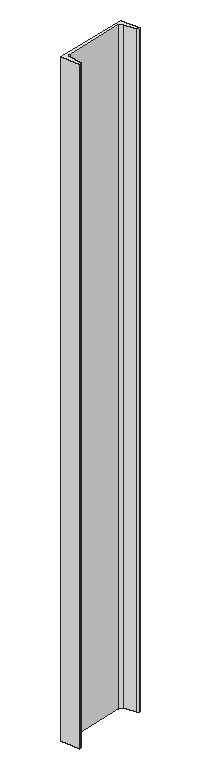
Revit family "M_C Formas-Coluna", category Pilares estruturais, Revit 2019
Family settings
  Forma do corte = Canal em C com flange inclinado
  Material para o comportamento do modelo = Aço
  Exportar sempre como geometria = Não
  Redução da viga na planta = Da caixa de vinculação
  Family Name Key = M_C Shapes-Column
  Nome do código = AISC 14.1
  Número OmniClass = 23.25.30.11.14.11
  Título OmniClass = Columns
  ID de item do Seek = C-Shapes-Column-0000-CAN-ENU
  Corte com vazios quando carregada = Não
  Representação simbólica = Das configurações de projeto
  Compartilhado = Não
  Exibir o pré-corte da família na vista da planta = Sim
Parameters (values of type "C310X45")
  Largura = 80.5 mm
  Espessura da teia = 13 mm
  Concordância da teia = 12.7000 mm
  Constante da empena = 40500000000.0 mm6
  Momento de inércia de torção = 358000.00 mm4
  Structural Material [instance] = Aço, 45-345
  Ângulo inclinado da flange = 9.46234°
  Chave do nome do corte = ""
  Área de corte = 5680.0 mm²
  Eixo fraco do módulo plástico = 70800.0 mm³
  Eixo forte do módulo plástico = 554000.0 mm³
  Peso nominal = 45.00 kgf/m
  Eixo fraco do momento de inércia = 2130000.00 mm4
  Eixo forte do momento de inércia = 67400000.00 mm4
  Altura = 305 mm
  Localização da espessura do flange = 33.7500 mm
  Espessura do flange = 12.7 mm
  Concordância do flange = 6.3500 mm
  Eixo fraco do módulo de elasticidade = 33600.0 mm³
  Eixo forte do módulo de elasticidade = 442000.0 mm³
  Centróide vertical = Altura / 2  # 152.5000 mm
  Centróide horizontal = 17.1 mm
  Espaçamento do parafuso = 44.45 mm
  Assembly Code = ""
Reference planes
  plane 1: y = 0
  plane 2: z = 0
  plane 3: x = 0
  plane 4: y = 152.5
  plane 5: y = -152.5
  plane 6: y = 139.8
  plane 7: y = -139.8
  plane 8: x = -17.1
  plane 9: x = 63.4
  plane 10: x = -4.1
Forms (mm)
  Sweep 1, solid, material "Aço, 45-345" <- "Structural Material", detail levels fine
    path origin (0, 0, 0) x (1, 0, 0) y (0, 0, 1)
      loop
        line (0, 0) -> (0, 2500)
    profile "Perfil em formato C fino : Perfil em formato C fino" origin (0, 0, 1250) x (-1, 0, 0) y (0, -1, 0)
      loop
        line (-63.4, -152.5) -> (17.1, -152.5) -> (17.1, 152.5) -> (-63.4, 152.5) -> (-63.4, 150.804)
        arc (-63.4, 150.804) -> (-61.895, 146.7) -> (-58.094, 144.541) r 6.35
        line (-58.094, 144.541) -> (-29.65, 139.8) -> (-6.512, 135.944)
        arc (-6.512, 135.944) -> (1.09, 131.625) -> (4.1, 123.416) r 12.7
        line (4.1, 123.416) -> (4.1, -123.416)
        arc (4.1, -123.416) -> (1.09, -131.625) -> (-6.512, -135.944) r 12.7
        line (-6.512, -135.944) -> (-29.65, -139.8) -> (-58.094, -144.541)
        arc (-58.094, -144.541) -> (-61.895, -146.7) -> (-63.4, -150.804) r 6.35
        line (-63.4, -150.804) -> (-63.4, -152.5)
  Sweep 2, solid, material "Aço, 45-345" <- "Structural Material", detail levels medium
    path origin (0, 0, 0) x (1, 0, 0) y (0, 0, 1)
      loop
        line (0, 0) -> (0, 2500)
    profile "Perfil em formato C médio : Perfil em formato C médio" origin (0, 0, 1250) x (-1, 0, 0) y (0, -1, 0)
      loop
        line (-63.4, 152.5) -> (-63.4, 145.425) -> (-29.65, 139.8) -> (4.1, 134.175) -> (4.1, -134.175) -> (-29.65, -139.8) -> (-63.4, -145.425) -> (-63.4, -152.5) -> (17.1, -152.5) -> (17.1, 152.5) -> (-63.4, 152.5)
Lines and regions (mm)
  symbolic lines, style "StructuralColumnStickSymbols", detail levels coarse
    curve 1: line (63.4, 152.5, 0) -> (-17.1, 152.5, 0)
    curve 2: line (-17.1, 152.5, 0) -> (-17.1, -152.5, 0)
    curve 3: line (-17.1, -152.5, 0) -> (63.4, -152.5, 0)
  symbolic lines, style "Faces ocultas", detail levels medium+fine
    curve 4: line (-4.1, -145.425, 2500) -> (-4.1, -145.425, 0)
    curve 5: line (-4.1, -134.175, 0) -> (-4.1, -134.175, 2500)
    curve 6: line (-4.1, 134.175, 0) -> (-4.1, 134.175, 2500)
    curve 7: line (-4.1, 145.425, 0) -> (-4.1, 145.425, 2500)
    curve 8: line (-4.1, 0, 0) -> (-4.1, 0, 2500)
Dimensions and locks
  equal spacing: plane 5, plane 1, plane 4
  "Altura": plane 5 to plane 4
  "Espessura do flange": plane 6 to plane 4
  "Espessura do flange": plane 5 to plane 7
  "Espessura da teia": plane 8 to plane 10
  "Centróide horizontal": plane 8 to plane 3
  "Largura": plane 8 to plane 9
  aligned and locked: level to plane 2
  aligned and locked: plane 9 to curve 3
  aligned and locked: plane 9 to curve 1
  aligned and locked: level to curve 8  (x2)
  aligned and locked: level to Sweep 1 sketch curve  (x2)
  aligned and locked: plane 3 to Sweep 1 sketch curve
  aligned and locked: level to Sweep 2 sketch curve  (x2)
  aligned and locked: plane 3 to Sweep 2 sketch curve
  aligned and locked: curve 1 to plane 4
  aligned and locked: curve 2 to plane 8
  aligned and locked: plane 5 to curve 3
Automatic sketch dimensions
  curve 8 to plane 10 = 0 mm
  curve 4 to level = 0 mm  (x2)
  curve 5 to level = 0 mm  (x2)
  curve 6 to level = 0 mm  (x2)
  curve 7 to level = 0 mm  (x2)
  plane 7 to curve 4 = 5.625 mm
  curve 5 to plane 7 = 5.625 mm
  plane 6 to curve 6 = 5.625 mm
  curve 7 to plane 6 = 5.625 mm
Types in the file's own list only (31): name | Largura | Espessura da teia | Concordância da teia | Constante da empena | Momento de inércia de torção | Ângulo inclinado da flange | Chave do nome do corte | Área de corte | Eixo fraco do módulo plástico | Eixo forte do módulo plástico | Peso nominal | Eixo fraco do momento de inércia | Eixo forte do momento de inércia | Altura | Localização da espessura do flange | Espessura do flange | Concordância do flange | Eixo fraco do módulo de elasticidade | Eixo forte do módulo de elasticidade | Centróide vertical | Centróide horizontal | Espaçamento do parafuso
  C380X74 | 94.5000 mm | 18.2000 mm | 16.5000 mm | 132000000000.0 mm6 | 1100000.00 mm4 | 9.46° | "ChannelsC15X50" | 9480.0 mm² | 133000.0 mm³ | 1120000.0 mm³ | 74.00 kgf/m | 4580000.00 mm4 | 168000000.00 mm4 | 381.0000 mm | 38.1500 mm | 16.5000 mm | 8.2500 mm | 61800.0 mm³ | 882000.0 mm³ | 190.5000 mm | 20.3000 mm | 57.15 mm
  C380X60 | 89.4000 mm | 13.2000 mm | 16.5000 mm | 110000000000.0 mm6 | 604000.00 mm4 | 9.46° | "ChannelsC15X40" | 7610.0 mm² | 112000.0 mm³ | 942000.0 mm³ | 60.00 kgf/m | 3820000.00 mm4 | 145000000.00 mm4 | 381.0000 mm | 38.1000 mm | 16.5000 mm | 8.2500 mm | 54700.0 mm³ | 762000.0 mm³ | 190.5000 mm | 19.8000 mm | 50.80 mm
  C380X50.4 | 86.4000 mm | 10.2000 mm | 16.5000 mm | 96100000000.0 mm6 | 420000.00 mm4 | 9.46° | "ChannelsC15X33.9" | 6450.0 mm² | 101000.0 mm³ | 832000.0 mm³ | 50.40 kgf/m | 3360000.00 mm4 | 131000000.00 mm4 | 381.0000 mm | 38.1000 mm | 16.5000 mm | 8.2500 mm | 50600.0 mm³ | 688000.0 mm³ | 190.5000 mm | 20.0000 mm | 50.80 mm
  C310X37 | 77.5000 mm | 9.8300 mm | 12.7000 mm | 34900000000.0 mm6 | 224000.00 mm4 | 9.46° | "ChannelsC12X25" | 4740.0 mm² | 62600.0 mm³ | 482000.0 mm³ | 37.00 kgf/m | 1850000.00 mm4 | 59900000.00 mm4 | 305.0000 mm | 33.8350 mm | 12.7000 mm | 6.3500 mm | 30600.0 mm³ | 393000.0 mm³ | 152.5000 mm | 17.1000 mm | 44.45 mm
  C310X30.8 | 74.7000 mm | 7.1600 mm | 12.7000 mm | 30100000000.0 mm6 | 154000.00 mm4 | 9.46° | "ChannelsC12X20.7" | 3920.0 mm² | 56900.0 mm³ | 420000.0 mm³ | 30.80 kgf/m | 1610000.00 mm4 | 53700000.00 mm4 | 305.0000 mm | 33.7700 mm | 12.7000 mm | 6.3500 mm | 28200.0 mm³ | 352000.0 mm³ | 152.5000 mm | 17.7000 mm | 44.45 mm
  C250X45 | 77.0000 mm | 17.1000 mm | 11.1000 mm | 21300000000.0 mm6 | 508000.00 mm4 | 9.46° | "ChannelsC10X30" | 5680.0 mm² | 61900.0 mm³ | 438000.0 mm³ | 45.00 kgf/m | 1640000.00 mm4 | 42900000.00 mm4 | 254.0000 mm | 29.9500 mm | 11.1000 mm | 5.5500 mm | 27000.0 mm³ | 339000.0 mm³ | 127.0000 mm | 16.5000 mm | 44.45 mm
  C250X37 | 73.4000 mm | 13.4000 mm | 11.1000 mm | 18300000000.0 mm6 | 286000.00 mm4 | 9.46° | "ChannelsC10X25" | 4740.0 mm² | 52100.0 mm³ | 379000.0 mm³ | 37.00 kgf/m | 1390000.00 mm4 | 37900000.00 mm4 | 254.0000 mm | 30.0000 mm | 11.1000 mm | 5.5500 mm | 24100.0 mm³ | 298000.0 mm³ | 127.0000 mm | 15.7000 mm | 44.45 mm
  C250X30 | 69.6000 mm | 9.6300 mm | 11.1000 mm | 15300000000.0 mm6 | 153000.00 mm4 | 9.46° | "ChannelsC10X20" | 3790.0 mm² | 44200.0 mm³ | 318000.0 mm³ | 30.00 kgf/m | 1170000.00 mm4 | 32800000.00 mm4 | 254.0000 mm | 29.9850 mm | 11.1000 mm | 5.5500 mm | 21500.0 mm³ | 259000.0 mm³ | 127.0000 mm | 15.4000 mm | 38.10 mm
  C250X22.8 | 66.0000 mm | 6.1000 mm | 11.1000 mm | 12200000000.0 mm6 | 87000.00 mm4 | 9.46° | "ChannelsC10X15.3" | 2890.0 mm² | 38300.0 mm³ | 261000.0 mm³ | 22.80 kgf/m | 945000.00 mm4 | 28000000.00 mm4 | 254.0000 mm | 29.9500 mm | 11.1000 mm | 5.5500 mm | 18800.0 mm³ | 221000.0 mm³ | 127.0000 mm | 16.1000 mm | 38.10 mm
  C230X30 | 67.3000 mm | 11.4000 mm | 10.5000 mm | 10600000000.0 mm6 | 178000.00 mm4 | 9.46° | "ChannelsC9X20" | 3790.0 mm² | 40300.0 mm³ | 277000.0 mm³ | 30.00 kgf/m | 1000000.00 mm4 | 25300000.00 mm4 | 229.0000 mm | 27.9500 mm | 10.5000 mm | 5.2500 mm | 19200.0 mm³ | 221000.0 mm³ | 114.5000 mm | 14.8000 mm | 38.10 mm
  C230X22 | 63.2000 mm | 7.2400 mm | 10.5000 mm | 8320000000.0 mm6 | 86600.00 mm4 | 9.46° | "ChannelsC9X15" | 2840.0 mm² | 33400.0 mm³ | 223000.0 mm³ | 22.00 kgf/m | 795000.00 mm4 | 21200000.00 mm4 | 229.0000 mm | 27.9800 mm | 10.5000 mm | 5.2500 mm | 16600.0 mm³ | 185000.0 mm³ | 114.5000 mm | 14.9000 mm | 34.93 mm
  C230X19.9 | 61.7000 mm | 5.9200 mm | 10.5000 mm | 7570000000.0 mm6 | 69900.00 mm4 | 9.46° | "ChannelsC9X13.4" | 2540.0 mm² | 31800.0 mm³ | 206000.0 mm³ | 19.90 kgf/m | 728000.00 mm4 | 19900000.00 mm4 | 229.0000 mm | 27.8900 mm | 10.5000 mm | 5.2500 mm | 15600.0 mm³ | 174000.0 mm³ | 114.5000 mm | 15.3000 mm | 34.93 mm
  C200X27.9 | 64.3000 mm | 12.4000 mm | 9.9100 mm | 6740000000.0 mm6 | 181000.00 mm4 | 9.46° | "ChannelsC8X18.75" | 3550.0 mm² | 35600.0 mm³ | 228000.0 mm³ | 27.90 kgf/m | 820000.00 mm4 | 18300000.00 mm4 | 203.0000 mm | 25.9500 mm | 9.9100 mm | 4.9550 mm | 16600.0 mm³ | 180000.0 mm³ | 101.5000 mm | 14.4000 mm | 38.10 mm
  C200X20.5 | 59.4000 mm | 7.7000 mm | 9.9100 mm | 5160000000.0 mm6 | 77400.00 mm4 | 9.46° | "ChannelsC8X13.75" | 2600.0 mm² | 28300.0 mm³ | 180000.0 mm³ | 20.50 kgf/m | 633000.00 mm4 | 15000000.00 mm4 | 203.0000 mm | 25.8500 mm | 9.9100 mm | 4.9550 mm | 13900.0 mm³ | 148000.0 mm³ | 101.5000 mm | 14.1000 mm | 34.93 mm
  C200X17.1 | 57.4000 mm | 5.5900 mm | 9.9100 mm | 4430000000.0 mm6 | 54100.00 mm4 | 9.46° | "ChannelsC8X11.5" | 2170.0 mm² | 25700.0 mm³ | 158000.0 mm³ | 17.10 kgf/m | 545000.00 mm4 | 13500000.00 mm4 | 203.0000 mm | 25.9050 mm | 9.9100 mm | 4.9550 mm | 12700.0 mm³ | 133000.0 mm³ | 101.5000 mm | 14.5000 mm | 34.93 mm
  C180X22 | 58.4000 mm | 10.6000 mm | 9.3000 mm | 3520000000.0 mm6 | 111000.00 mm4 | 9.46° | "ChannelsC7X14.75" | 2790.0 mm² | 26700.0 mm³ | 160000.0 mm³ | 22.00 kgf/m | 570000.00 mm4 | 11300000.00 mm4 | 178.0000 mm | 23.9000 mm | 9.3000 mm | 4.6500 mm | 12700.0 mm³ | 127000.0 mm³ | 89.0000 mm | 13.5000 mm | 31.75 mm
  C180X18.2 | 55.6000 mm | 7.9800 mm | 9.3000 mm | 3010000000.0 mm6 | 67000.00 mm4 | 9.46° | "ChannelsC7X12.25" | 2320.0 mm² | 23300.0 mm³ | 139000.0 mm³ | 18.20 kgf/m | 483000.00 mm4 | 10100000.00 mm4 | 178.0000 mm | 23.8100 mm | 9.3000 mm | 4.6500 mm | 11400.0 mm³ | 113000.0 mm³ | 89.0000 mm | 13.3000 mm | 31.75 mm
  C180X14.6 | 53.1000 mm | 5.3300 mm | 9.3000 mm | 2460000000.0 mm6 | 41500.00 mm4 | 9.46° | "ChannelsC7X9.8" | 1850.0 mm² | 20600.0 mm³ | 118000.0 mm³ | 14.60 kgf/m | 398000.00 mm4 | 8820000.00 mm4 | 178.0000 mm | 23.8850 mm | 9.3000 mm | 4.6500 mm | 10100.0 mm³ | 99500.0 mm³ | 89.0000 mm | 13.7000 mm | 31.75 mm
  C150X19.3 | 54.9000 mm | 11.1000 mm | 8.7100 mm | 1930000000.0 mm6 | 98600.00 mm4 | 9.46° | "ChannelsC6X13" | 2460.0 mm² | 22100.0 mm³ | 119000.0 mm³ | 19.30 kgf/m | 437000.00 mm4 | 7200000.00 mm4 | 152.0000 mm | 21.9000 mm | 8.7100 mm | 4.3550 mm | 10500.0 mm³ | 94700.0 mm³ | 76.0000 mm | 13.1000 mm | 34.93 mm
  C150X15.6 | 51.6000 mm | 7.9800 mm | 8.7100 mm | 1590000000.0 mm6 | 53300.00 mm4 | 9.46° | "ChannelsC6X10.5" | 1980.0 mm² | 18700.0 mm³ | 101000.0 mm³ | 15.60 kgf/m | 358000.00 mm4 | 6290000.00 mm4 | 152.0000 mm | 21.8100 mm | 8.7100 mm | 4.3550 mm | 9190.0 mm³ | 82600.0 mm³ | 76.0000 mm | 12.7000 mm | 28.58 mm
  C150X12.2 | 48.8000 mm | 5.0800 mm | 8.7100 mm | 1260000000.0 mm6 | 30600.00 mm4 | 9.46° | "ChannelsC6X8.2" | 1540.0 mm² | 16200.0 mm³ | 84600.0 mm³ | 12.20 kgf/m | 286000.00 mm4 | 5450000.00 mm4 | 152.0000 mm | 21.8600 mm | 8.7100 mm | 4.3550 mm | 8000.0 mm³ | 71300.0 mm³ | 76.0000 mm | 13.0000 mm | 28.58 mm
  C130X13 | 48.0000 mm | 8.2600 mm | 8.1300 mm | 787000000.0 mm6 | 45400.00 mm4 | 9.46° | "ChannelsC5X9" | 1700.0 mm² | 15000.0 mm³ | 71900.0 mm³ | 13.00 kgf/m | 260000.00 mm4 | 3700000.00 mm4 | 127.0000 mm | 19.8700 mm | 8.1300 mm | 4.0650 mm | 7280.0 mm³ | 58300.0 mm³ | 63.5000 mm | 12.1000 mm | 28.58 mm
  C130X10.4 | 44.5000 mm | 4.8300 mm | 8.1300 mm | 596000000.0 mm6 | 22900.00 mm4 | 9.46° | "ChannelsC5X6.7" | 1270.0 mm² | 12400.0 mm³ | 58200.0 mm³ | 10.40 kgf/m | 196000.00 mm4 | 3110000.00 mm4 | 127.0000 mm | 19.8350 mm | 8.1300 mm | 4.0650 mm | 6100.0 mm³ | 49000.0 mm³ | 63.5000 mm | 12.3000 mm | 0.00 mm
  C100X10.8 | 43.7000 mm | 8.1500 mm | 7.5200 mm | 333000000.0 mm6 | 34000.00 mm4 | 9.46° | "ChannelsC4X7.25" | 1370.0 mm² | 11400.0 mm³ | 46500.0 mm³ | 10.80 kgf/m | 177000.00 mm4 | 1910000.00 mm4 | 102.0000 mm | 17.7750 mm | 7.5200 mm | 3.7600 mm | 5520.0 mm³ | 37500.0 mm³ | 51.0000 mm | 11.7000 mm | 25.40 mm
  C100X9.3 | 41.9100 mm | 6.2738 mm | 6.9100 mm | 277000000.0 mm6 | 20300.00 mm4 | 9.46° | "ChannelsC4X6.25" | 1140.0 mm² | 9320.0 mm³ | 39800.0 mm³ | 9.30 kgf/m | 144000.00 mm4 | 1660000.00 mm4 | 102.0000 mm | 17.8181 mm | 6.9100 mm | 3.4550 mm | 4650.0 mm³ | 32800.0 mm³ | 51.0000 mm | 11.0000 mm | 0.00 mm
  C100X8 | 40.1000 mm | 4.6700 mm | 7.5200 mm | 247000000.0 mm6 | 16600.00 mm4 | 9.46° | "ChannelsC4X5.4" | 1020.0 mm² | 9260.0 mm³ | 37500.0 mm³ | 8.00 kgf/m | 130000.00 mm4 | 1600000.00 mm4 | 102.0000 mm | 17.7150 mm | 7.5200 mm | 3.7600 mm | 4540.0 mm³ | 31500.0 mm³ | 51.0000 mm | 11.6000 mm | 0.00 mm
  C100X6.7 | 40.1000 mm | 3.1800 mm | 7.5200 mm | 234000000.0 mm6 | 13400.00 mm4 | 9.46° | "ChannelsC4X4.5" | 890.0 mm² | 8700.0 mm³ | 34700.0 mm³ | 6.70 kgf/m | 120000.00 mm4 | 1520000.00 mm4 | 102.0000 mm | 18.4600 mm | 7.5200 mm | 3.7600 mm | 4340.0 mm³ | 30000.0 mm³ | 51.0000 mm | 12.5000 mm | 0.00 mm
  C75X8.9 | 40.6000 mm | 9.0400 mm | 6.9300 mm | 124000000.0 mm6 | 30200.00 mm4 | 9.46° | "ChannelsC3X6" | 1140.0 mm² | 8900.0 mm³ | 28500.0 mm³ | 8.90 kgf/m | 125000.00 mm4 | 862000.00 mm4 | 76.2000 mm | 15.7800 mm | 6.9300 mm | 3.4650 mm | 4310.0 mm³ | 22600.0 mm³ | 38.1000 mm | 11.6000 mm | 0.00 mm
  C75X7.4 | 38.1000 mm | 6.5500 mm | 6.9300 mm | 102000000.0 mm6 | 17700.00 mm4 | 9.46° | "ChannelsC3X5" | 948.0 mm² | 7600.0 mm³ | 24900.0 mm³ | 7.40 kgf/m | 100000.00 mm4 | 770000.00 mm4 | 76.2000 mm | 15.7750 mm | 6.9300 mm | 3.4650 mm | 3740.0 mm³ | 20200.0 mm³ | 38.1000 mm | 11.2000 mm | 0.00 mm
  C75X6.1 | 35.8000 mm | 4.3200 mm | 6.9300 mm | 82400000.0 mm6 | 11200.00 mm4 | 9.46° | "ChannelsC3X4.1" | 774.0 mm² | 6540.0 mm³ | 21600.0 mm³ | 6.10 kgf/m | 79500.00 mm4 | 687000.00 mm4 | 76.2000 mm | 15.7400 mm | 6.9300 mm | 3.4650 mm | 3210.0 mm³ | 18000.0 mm³ | 38.1000 mm | 11.1000 mm | 0.00 mm
  C75X5.2 | 34.8000 mm | 3.3500 mm | 6.9300 mm | 74100000.0 mm6 | 9410.00 mm4 | 9.46° | "ChannelsC3X3.5" | 703.0 mm² | 5960.0 mm³ | 20300.0 mm³ | 5.20 kgf/m | 70300.00 mm4 | 653000.00 mm4 | 76.2000 mm | 15.7250 mm | 6.9300 mm | 3.4650 mm | 2980.0 mm³ | 17000.0 mm³ | 38.1000 mm | 11.3000 mm | 0.00 mm
